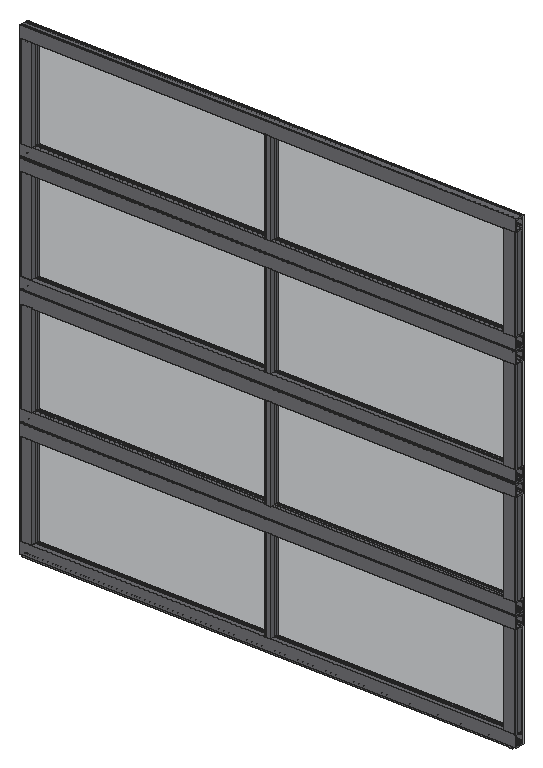
Revit family "GACS 8P GG SUV", category Doors, host Wall, Revit 2024 (continued)
Automatic sketch dimensions
  Extrusion 9 sketch curve to Extrusion 9 sketch curve = 10.547 mm
  Extrusion 9 sketch curve to plane 4 "Right" = 12.547 mm  (x2)
  plane 9 "Garage Left" to Extrusion 9 sketch curve = 5.4 mm  (x2)
  plane 9 "Garage Left" to Extrusion 9 sketch curve = 1.8 mm
  Extrusion 9 sketch curve to Extrusion 9 sketch curve = 10 mm  (x2)
  Extrusion 9 sketch curve to Extrusion 9 sketch curve = 9.4 mm  (x4)
  Extrusion 9 sketch curve to Extrusion 9 sketch curve = 14 mm  (x2)
  Extrusion 9 sketch curve to Extrusion 9 sketch curve = 24 mm
  Extrusion 9 sketch curve to Extrusion 9 sketch curve = 21.7 mm
  Extrusion 9 sketch curve to Extrusion 9 sketch curve = 2.75 mm  (x4)
  Extrusion 9 sketch curve to Extrusion 9 sketch curve = 20.6 mm  (x2)
  Extrusion 9 sketch curve to Extrusion 9 sketch curve = 4 mm  (x4)
  Extrusion 9 sketch curve to Extrusion 9 sketch curve = 13.15 mm  (x2)
  Extrusion 9 sketch curve to Extrusion 9 sketch curve = 2.1 mm  (x4)
  Extrusion 9 sketch curve to Extrusion 9 sketch curve = 0.55 mm  (x6)
  Extrusion 9 sketch curve to Extrusion 9 sketch curve = 0.05 mm  (x2)
  Extrusion 9 sketch curve to Extrusion 9 sketch curve = 13.7 mm
  Extrusion 9 sketch curve to Extrusion 9 sketch curve = 1.75 mm  (x5)
  Extrusion 9 sketch curve to Extrusion 9 sketch curve = 1.5 mm  (x3)
  Extrusion 9 sketch curve to Extrusion 9 sketch curve = 4.95 mm
  Extrusion 10 sketch curve to plane 8 "Garage Right" = 0 mm  (x3)
  Extrusion 10 sketch curve to plane 9 "Garage Left" = 0 mm  (x3)
  plane 8 "Garage Right" to Extrusion 10 sketch curve = 1.8 mm  (x4)
  Extrusion 10 sketch curve to Extrusion 10 sketch curve = 0 mm  (x3)
  Extrusion 10 sketch curve to Extrusion 10 sketch curve = 2 mm  (x6)
  Extrusion 10 sketch curve to Extrusion 10 sketch curve = 1.6 mm  (x4)
  Extrusion 10 sketch curve to Extrusion 10 sketch curve = 7.147 mm  (x2)
  Extrusion 10 sketch curve to Extrusion 10 sketch curve = 0.953 mm  (x16)
  host wall to Extrusion 10 sketch curve = 6.3 mm  (x4)
  Extrusion 10 sketch curve to Extrusion 10 sketch curve = 3 mm  (x8)
  host wall to Extrusion 10 sketch curve = 5.75 mm  (x3)
  Extrusion 10 sketch curve to plane 3 "Left" = 12.747 mm  (x2)
  Extrusion 10 sketch curve to Extrusion 10 sketch curve = 7.947 mm  (x2)
  Extrusion 10 sketch curve to Extrusion 10 sketch curve = 1.8 mm  (x25)
  Extrusion 10 sketch curve to Extrusion 10 sketch curve = 0.8 mm  (x3)
  Extrusion 10 sketch curve to Extrusion 10 sketch curve = 1.205 mm  (x3)
  Extrusion 10 sketch curve to Extrusion 10 sketch curve = 1.293 mm  (x3)
  Extrusion 10 sketch curve to Extrusion 10 sketch curve = 0.241 mm  (x4)
  Extrusion 10 sketch curve to Extrusion 10 sketch curve = 0.402 mm  (x4)
  Extrusion 10 sketch curve to plane 2 "Center (Left/Right)" = 15 mm  (x2)
  host wall to Extrusion 10 sketch curve = 4 mm
  Extrusion 10 sketch curve to Extrusion 10 sketch curve = 0.993 mm  (x2)
  Extrusion 10 sketch curve to Extrusion 10 sketch curve = 1.066 mm  (x3)
  Extrusion 10 sketch curve to Extrusion 10 sketch curve = 0.405 mm
  plane 2 "Center (Left/Right)" to Extrusion 10 sketch curve = 10.6 mm
  Extrusion 10 sketch curve to Extrusion 10 sketch curve = 2.6 mm
  plane 4 "Right" to Extrusion 10 sketch curve = 30 mm
  host wall to Extrusion 10 sketch curve = 14 mm  (x2)
  host wall to Extrusion 10 sketch curve = 12.5 mm
  Extrusion 10 sketch curve to Extrusion 10 sketch curve = 0.493 mm
  Extrusion 10 sketch curve to Extrusion 10 sketch curve = 10.547 mm
  Extrusion 10 sketch curve to plane 4 "Right" = 12.547 mm  (x2)
  plane 9 "Garage Left" to Extrusion 10 sketch curve = 5.4 mm  (x2)
  plane 9 "Garage Left" to Extrusion 10 sketch curve = 1.8 mm
  Extrusion 10 sketch curve to Extrusion 10 sketch curve = 10 mm  (x2)
  Extrusion 10 sketch curve to Extrusion 10 sketch curve = 9.4 mm  (x4)
  Extrusion 10 sketch curve to Extrusion 10 sketch curve = 14 mm  (x2)
  Extrusion 10 sketch curve to Extrusion 10 sketch curve = 24 mm
  Extrusion 10 sketch curve to Extrusion 10 sketch curve = 21.7 mm
  Extrusion 10 sketch curve to Extrusion 10 sketch curve = 2.75 mm  (x4)
  Extrusion 10 sketch curve to Extrusion 10 sketch curve = 20.6 mm  (x2)
  Extrusion 10 sketch curve to Extrusion 10 sketch curve = 4 mm  (x4)
  Extrusion 10 sketch curve to Extrusion 10 sketch curve = 13.15 mm  (x2)
  Extrusion 10 sketch curve to Extrusion 10 sketch curve = 2.1 mm  (x4)
  Extrusion 10 sketch curve to Extrusion 10 sketch curve = 0.55 mm  (x6)
  Extrusion 10 sketch curve to Extrusion 10 sketch curve = 0.05 mm  (x2)
  Extrusion 10 sketch curve to Extrusion 10 sketch curve = 13.7 mm
  Extrusion 10 sketch curve to Extrusion 10 sketch curve = 1.75 mm  (x5)
  Extrusion 10 sketch curve to Extrusion 10 sketch curve = 1.5 mm  (x3)
  Extrusion 10 sketch curve to Extrusion 10 sketch curve = 4.95 mm
  curve 1 to plane 8 "Garage Right" = 0 mm
  curve 3 to plane 9 "Garage Left" = 0 mm
  host wall to curve 1 = 2200 mm
  host wall to curve 3 = 30 mm
  host wall to curve 1 = 30 mm
